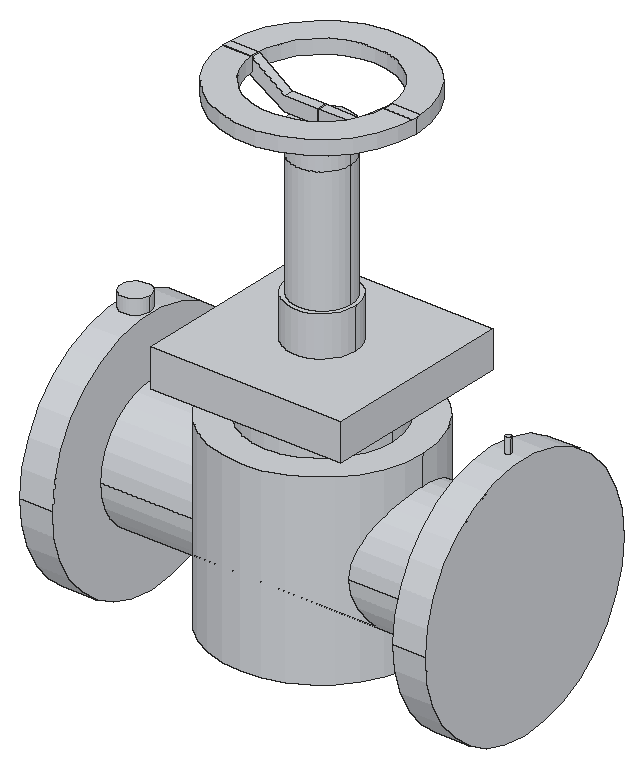
Revit family "Sigma_Compact_DN300-LF_PN16_RFA_2018", category Pipe Accessories, Revit 2018
Family settings
  Round Connector Dimension = Use Diameter
  Part Type = Valve - Breaks Into
  Work Plane-Based = No
  Always vertical = Yes
  Cut with Voids When Loaded = No
  Shared = No
Parameters (values of type "Sigma Compact DN 300 LF PN16")
  magiProductId = "f16ecb3a8ad443e99405ecd1e4779a"
  magiProductFamilyId = "111bdfd32e424cd9a1e5f1ca7ea2b6"
  magiPartTypeId = 304
  isMeasuringValve [instance] = no
  ang2D [instance] = 0.00°
  W2D = 50 mm
  VersionID = "2.0/2018.12.13.2/FRESE_SIGMA_C_BIG_Q13_001"
  Use Minimum Symbol Size [instance] = no
  URL = "www.hydronix.cz"
  Type Comments = "přírubový; PN16; max dp=800kPa; 0~+110°C; max uzavírací tlak 1MPa"
  R4 = 148.75 mm
  R3 = 135.2 mm
  R1 = 212.5 mm
  QmdConnectorList = "301;D;302;D"
  Productdata [instance] = ""
  Manufacturer = "Hydronix"
  Maintenance Zone Under Depth [instance] = 100 mm
  Maintenance Zone Right Depth [instance] = 100 mm
  Maintenance Zone Over Depth [instance] = 100 mm
  Maintenance Zone Left Depth [instance] = 100 mm
  Maintenance Zone Front Depth [instance] = 100 mm
  Maintenance Zone Back Depth [instance] = 100 mm
  Maintenance Zone Front Visibility [instance] = no
  MC Use Limits From Balancing Method = no
  MC Throttling Minimum Value = 0
  MC Throttling Maximum Value = 0
  MC Product Code = "53-2408 DN300; PN16; (190000-475000 l/h); kvs=803"
  MC Pressure Drop Minimum Value = 0.0 Pa
  MC Pressure Drop Maximum Value = 0.0 Pa
  MC Piping Given Pressure Drop [instance] = 0.0 Pa
  LF__ve = -LF  # -68 mm
  LF2 = 34 mm
  LF = 68 mm
  L432 = 69.912 mm
  L43 = 139.825 mm
  L42 = 199.75 mm
  L4 = 399.5 mm
  L3 = 714 mm
  L2D_Min = 30.48 mm
  L2D = 230 mm
  L2 = 425 mm
  HH12 = 29 mm
  HH1 = 58 mm
  HDF__ve = -HDF  # -424 mm
  HDF = 424 mm
  H6 = 85 mm
  H4 = 78 mm
  H3 = 65 mm
  H2 = 195 mm
  H11 = 390 mm
  H1 = 1082 mm
  H = 944 mm
  Description = "Automatický vyvažovací ventil"
  DF2 = 260 mm
  D = 300 mm
  Clearance Zone Height Depth [instance] = 100 mm
  Clearance Zone Circular Radius [instance] = 425 mm
  Clearance Zone Visibility [instance] = no
  CAT0 = yes
Types (9, lengths in mm): name | magiProductId | Type Comments | R4 | R3 | R1 | MC Product Code | LF__ve | LF2 | LF | L432 | L43 | L42 | L4 | L3 | L2 | HH12 | HH1 | HDF__ve | HDF | H4 | H3 | H2 | H11 | H1 | H | DF2 | D | Clearance Zone Circular Radius
  Sigma Compact DN 050 LF PN16 | "7ce002c265594233b83d195dc264f1" | "přírubový; PN16; max dp=800kPa; 0~+120°C; max uzavírací tlak 1MPa" | 40.25 | 42.9 | 57.5 | "53-2400 DN50; PN16; (2480-15000 l/h); kvs=34" | -18.4 | 9.2 | 18.4 | 18.917 | 37.835 | 54.05 | 108.1 | 193.2 | 115 | 16.5 | 33 | -202 | 202 | 24.75 | 20.625 | 61.875 | 123.75 | 480 | 367 | 82.5 | 50 | 115
  Sigma Compact DN 065 LF PN16 | "7b440009bc83499eb1c9a6fd3b4fee" | "přírubový; PN16; max dp=800kPa; 0~+120°C; max uzavírací tlak 1MPa" | 50.75 | 48.1 | 72.5 | "53-2401 DN65; PN16; (4380-25000 l/h); kvs=50" | -23.2 | 11.6 | 23.2 | 23.853 | 47.705 | 68.15 | 136.3 | 243.6 | 145 | 16.5 | 33 | -199 | 199 | 27.75 | 23.125 | 69.375 | 138.75 | 497 | 384 | 92.5 | 65 | 145
  Sigma Compact DN 080 LF PN16 | "c04670cd33374e61a046fccc79a79b" | "přírubový; PN16; max dp=800kPa; 0~+120°C; max uzavírací tlak 1MPa" | 54.25 | 52 | 77.5 | "53-2402 DN80; PN16; (5340-34000 l/h); kvs=68" | -24.8 | 12.4 | 24.8 | 25.497 | 50.995 | 72.85 | 145.7 | 260.4 | 155 | 16.5 | 33 | -213 | 213 | 30 | 25 | 75 | 150 | 526 | 413 | 100 | 80 | 155
  Sigma Compact DN 100 LF PN16 | "e9669c3b3cb042d39f52f9a3f8394b" | "přírubový; PN16; max dp=800kPa; 0~+120°C; max uzavírací tlak 1MPa" | 61.25 | 61.1 | 87.5 | "53-2403 DN100; PN16; (12100-68000 l/h); kvs=115" | -28 | 14 | 28 | 28.788 | 57.575 | 82.25 | 164.5 | 294 | 175 | 34 | 68 | -331 | 331 | 35.25 | 29.375 | 88.125 | 176.25 | 714 | 566 | 117.5 | 100 | 175
  Sigma Compact DN 125 LF PN16 | "72414964175c4f3999d5daaa67221e" | "přírubový; PN16; max dp=800kPa; 0~+120°C; max uzavírací tlak 1MPa" | 70 | 70.2 | 100 | "53-2404 DN125; PN16; (18500-110000 l/h); kvs=186" | -32 | 16 | 32 | 32.9 | 65.8 | 94 | 188 | 336 | 200 | 36.5 | 73 | -338 | 338 | 40.5 | 33.75 | 101.25 | 202.5 | 761 | 608 | 135 | 125 | 200
  Sigma Compact DN 150 LF PN16 | "cb5ac98de80a46389b4a96eb8539c2" | "přírubový; PN16; max dp=800kPa; 0~+110°C; max uzavírací tlak 1MPa" | 84 | 74.1 | 120 | "53-2405 DN150; PN16; (25600-148000 l/h); kvs=250" | -38.4 | 19.2 | 38.4 | 39.48 | 78.96 | 112.8 | 225.6 | 403.2 | 240 | 13 | 26 | -391 | 391 | 42.75 | 35.625 | 106.875 | 213.75 | 782 | 676 | 142.5 | 150 | 240
  Sigma Compact DN 200 LF PN16 | "bd9983fcf82240be8b5626661ef83b" | "přírubový; PN16; max dp=800kPa; 0~+110°C; max uzavírací tlak 1MPa" | 105 | 98.8 | 150 | "53-2406 DN200; PN16; (95000-210000 l/h); kvs=371" | -48 | 24 | 48 | 49.35 | 98.7 | 141 | 282 | 504 | 300 | 29.5 | 59 | -334 | 334 | 57 | 47.5 | 142.5 | 285 | 853 | 714 | 190 | 200 | 300
  Sigma Compact DN 250 LF PN16 | "6516628c9ce0481f89e5702e575104" | "přírubový; PN16; max dp=800kPa; 0~+110°C; max uzavírací tlak 1MPa" | 127.75 | 115.44 | 182.5 | "53-2407 DN250; PN16; (190000-475000 l/h); kvs=803" | -58.4 | 29.2 | 58.4 | 60.042 | 120.085 | 171.55 | 343.1 | 613.2 | 365 | 29 | 58 | -462 | 462 | 66.6 | 55.5 | 166.5 | 333 | 1044 | 906 | 222 | 250 | 365
  Sigma Compact DN 300 LF PN16 | "f16ecb3a8ad443e99405ecd1e4779a" | "přírubový; PN16; max dp=800kPa; 0~+110°C; max uzavírací tlak 1MPa" | 148.75 | 135.2 | 212.5 | "53-2408 DN300; PN16; (190000-475000 l/h); kvs=803" | -68 | 34 | 68 | 69.912 | 139.825 | 199.75 | 399.5 | 714 | 425 | 29 | 58 | -424 | 424 | 78 | 65 | 195 | 390 | 1082 | 944 | 260 | 300 | 425
Reference planes
  plane 1 "Center (Front/Back)": y = 0
  plane 2 "XYPLANE": z = 0
  plane 3 "Center (Left/Right)": x = 0
  plane 4 "298": y = -360
  plane 5 "297": y = 360
  plane 6 "296": y = -260
  plane 7 "295": y = 260
  plane 8 "294": z = -360
  plane 9 "293": z = 922
  plane 10 "292": x = -525
  plane 11 "291": x = 525
  plane 12 "290": z = 922
  plane 13 "256": y = -20
  plane 14 "254": z = 703
  plane 15 "253": z = 713
  plane 16 "252": x = -40
  plane 17 "251": x = -30
  plane 18 "250": x = 40
  plane 19 "249": x = 30
  plane 20 "247": z = 423
  plane 21 "244": z = 684
  plane 22 "243": x = 199.75
  plane 23 "242": x = 139.825
  plane 24 "241": x = 69.912
  plane 25 "240": y = -10
  plane 26 "238": x = -69.912
  plane 27 "237": x = -139.825
  plane 28 "236": z = 742
  plane 29 "235": z = 772
  plane 30 "234": x = -199.75
  plane 31 "225": z = 822
  plane 32 "224": z = -260
  plane 33 "157": x = 391
  plane 34 "156": x = -391
  plane 35 "155": z = 260
  plane 36 "154": z = 338
  plane 37 "153": z = 260
  plane 38 "152": z = 195
  plane 39 "151": x = -357
  plane 40 "150": z = -195
  plane 41 "149": x = 0
  plane 42 "148": y = 0
  plane 43 "147": z = 0
  plane 44 "146": x = -425
  plane 45 "145": x = 425
Forms (mm)
  Blend 1, solid, visible <- "Maintenance Zone Front Visibility"
    base sketch origin (-750, 0, 922) x (1, 0, 0) y (0, 1, 0)
      loop
        line (225, 360) -> (225, -360) -> (1275, -360) -> (1275, 360) -> (225, 360)
    top sketch origin (-750, 0, 922) x (1, 0, 0) y (0, 1, 0)
      loop
        line (225, 360) -> (225, -360) -> (1275, -360) -> (1275, 360) -> (225, 360)
    from 0 to -1282
  Blend 2, solid, visible <- "Clearance Zone Visibility"
    base sketch origin (-750, 0, 0) x (1, 0, 0) y (0, 1, 0)
      loop
        circle (750, 0) r 425
    top sketch origin (-750, 0, 0) x (1, 0, 0) y (0, 1, 0)
      loop
        circle (750, 0) r 425
    from 0 to 922
  Extrusion 3, solid
    sketch origin (-750, 0, 684) x (1, 0, 0) y (0, 1, 0)
      loop
        circle (750, 0) r 60.995
    from 0 to -424 <- "HDF__ve"
  Extrusion 4, solid
    sketch origin (-750, 0, 423) x (1, 0, 0) y (0, 1, 0)
      loop
        line (780, 20) -> (720, 20) -> (720, -20) -> (780, -20) -> (780, 20)
    from 0 to 25
  Extrusion 5, solid
    sketch origin (750, -20, 0) x (-1, 0, 0) y (0, 0, 1)
      loop
        line (790, 423) -> (790, 713) -> (710, 713) -> (710, 423) -> (720, 423) -> (720, 703) -> (780, 703) -> (780, 423) -> (790, 423)
    from 0 to 40
  Extrusion 6, solid
    sketch origin (-750, 0, 423) x (1, 0, 0) y (0, 1, 0)
      loop
        circle (750, 0) r 25
    from 0 to 30
  Extrusion 7, solid
    sketch origin (750, -10, 0) x (-1, 0, 0) y (0, 0, 1)
      loop
        line (889.825, 822) -> (819.912, 772) -> (750, 772) -> (750, 742) -> (819.912, 742) -> (949.75, 822) -> (889.825, 822)
    from 0 to 20
  Extrusion 8, solid
    sketch origin (750, -10, 0) x (-1, 0, 0) y (0, 0, 1)
      loop
        line (610.175, 822) -> (550.25, 822) -> (680.088, 742) -> (750, 742) -> (750, 772) -> (680.088, 772) -> (610.175, 822)
    from 0 to 20
  Extrusion 9, solid
    sketch origin (-750, 0, 684) x (1, 0, 0) y (0, 1, 0)
      loop
        circle (750, 0) r 60.995
    from 0 to 58 <- "HH1"
  Extrusion 10, solid
    sketch origin (-750, 0, 822) x (1, 0, 0) y (0, 1, 0)
      loop
        circle (750, 0) r 199.75
      loop
        circle (750, 0) r 139.825
    from 0 to -30
  Extrusion 11, solid, visible <- "CAT0"
    sketch origin (-750, 0, 260) x (1, 0, 0) y (0, 1, 0)
      loop
        circle (1141, 0) r 5.5
    from 0 to 30
  Extrusion 12, solid, visible <- "CAT0"
    sketch origin (-750, 0, 260) x (1, 0, 0) y (0, 1, 0)
      loop
        circle (359, 0) r 30.3
    from 0 to 30
  Extrusion 13, solid, visible <- "CAT0"
    sketch origin (-750, 0, 338) x (1, 0, 0) y (0, 1, 0)
      loop
        circle (750, 0) r 70.995
    from 0 to 85 <- "H6"
  Extrusion 14, solid, visible <- "CAT0"
    sketch origin (-750, 0, 260) x (1, 0, 0) y (0, 1, 0)
      loop
        line (949.75, 199.75) -> (550.25, 199.75) -> (550.25, -199.75) -> (949.75, -199.75) -> (949.75, 199.75)
    from 0 to 78 <- "H4"
  Extrusion 15, solid, visible <- "CAT0"
    sketch origin (-750, 0, 195) x (1, 0, 0) y (0, 1, 0)
      loop
        circle (750, 0) r 148.75
    from 0 to 65 <- "H3"
  Extrusion 16, solid, visible <- "CAT0"
    sketch origin (-357, -750, 0) x (0, 1, 0) y (0, 0, 1)
      loop
        circle (750, 0) r 135.2
    from 0 to 714 <- "L3"
  Extrusion 17, solid, visible <- "CAT0"
    sketch origin (-750, 0, -195) x (1, 0, 0) y (0, 1, 0)
      loop
        circle (750, 0) r 212.5
    from 0 to 390 <- "H11"
  Extrusion 18, solid, visible <- "CAT0"
    sketch origin (-425, -750, 0) x (0, 1, 0) y (0, 0, 1)
      loop
        circle (750, 0) r 260
    from 0 to 68 <- "LF"
  Extrusion 19, solid, visible <- "CAT0"
    sketch origin (425, -750, 0) x (0, 1, 0) y (0, 0, 1)
      loop
        circle (750, 0) r 260
    from 0 to -68 <- "LF__ve"
  Extrusion 20, solid, not visible
    sketch origin (-425, -750, 0) x (0, 1, 0) y (0, 0, 1)
      loop
        circle (750, 0) r 10
    from 0 to 10
  Extrusion 21, solid, not visible
    sketch origin (425, -750, 0) x (0, 1, 0) y (0, 0, 1)
      loop
        circle (750, 0) r 10
    from 0 to -10
Lines and regions (mm)
  reference lines, not visible
    curve 1: circle (2, 2, 0) r 1 normal (0, 0, 1)
  reference lines
    curve 2: circle (0, 0, 260) r 1 normal (0, 0, 1)
Dimensions and locks
  plane 1 "Center (Front/Back)" to curve 1 = 2 mm
  "Maintenance Zone Front Depth": plane 6 "296" to plane 4 "298"
  "Maintenance Zone Back Depth": plane 7 "295" to plane 5 "297"
  "DF2": plane 42 "148" to plane 6 "296"
  "DF2": plane 42 "148" to plane 7 "295"
  "Maintenance Zone Under Depth": plane 32 "224" to plane 8 "294"
  "Maintenance Zone Over Depth": plane 31 "225" to plane 9 "293"
  "Maintenance Zone Left Depth": plane 44 "146" to plane 10 "292"
  "Maintenance Zone Right Depth": plane 45 "145" to plane 11 "291"
  "Clearance Zone Height Depth": plane 31 "225" to plane 12 "290"
  locked: plane 25 "240" to plane 13 "256" at 10
  locked: plane 15 "253" to plane 14 "254" at 10
  "HH12": plane 21 "244" to plane 15 "253"
  locked: plane 17 "251" to plane 16 "252" at 10
  locked: plane 41 "149" to plane 17 "251" at 30
  locked: plane 19 "249" to plane 18 "250" at 10
  locked: plane 41 "149" to plane 19 "249" at 30
  "H6": plane 36 "154" to plane 20 "247"
  "H": plane 32 "224" to plane 21 "244"
  "L42": plane 41 "149" to plane 22 "243"
  "L43": plane 41 "149" to plane 23 "242"
  "L432": plane 41 "149" to plane 24 "241"
  locked: plane 42 "148" to plane 25 "240" at 10
  "L432": plane 41 "149" to plane 26 "238"
  "L43": plane 41 "149" to plane 27 "237"
  locked: plane 29 "235" to plane 28 "236" at 30
  locked: plane 31 "225" to plane 29 "235" at 50
  "L42": plane 41 "149" to plane 30 "234"
  "H1": plane 32 "224" to plane 31 "225"
  "DF2": plane 2 "XYPLANE" to plane 32 "224"
  "LF2": plane 45 "145" to plane 33 "157"
  "LF2": plane 44 "146" to plane 34 "156"
  "DF2": plane 2 "XYPLANE" to plane 35 "155"
  "H4": plane 37 "153" to plane 36 "154"
  "H3": plane 38 "152" to plane 37 "153"
  "H11": plane 40 "150" to plane 38 "152"
  "LF": plane 44 "146" to plane 39 "151"
  "H2": plane 2 "XYPLANE" to plane 40 "150"
  locked: plane 3 "Center (Left/Right)" to plane 41 "149"
  locked: plane 1 "Center (Front/Back)" to plane 42 "148"
  locked: plane 2 "XYPLANE" to plane 43 "147"
  "L2": plane 3 "Center (Left/Right)" to plane 44 "146"
  "L2": plane 3 "Center (Left/Right)" to plane 45 "145"
  Blend 1 sketch curve to Blend 1 sketch curve = 0 mm  (x16)
  Extrusion 4 sketch curve to Extrusion 4 sketch curve = 0 mm  (x8)
  Extrusion 5 sketch curve to Extrusion 5 sketch curve = 0 mm  (x16)
  Extrusion 7 sketch curve to Extrusion 7 sketch curve = 0 mm  (x12)
  Extrusion 8 sketch curve to Extrusion 8 sketch curve = 0 mm  (x12)
  equal spacing: Extrusion 14 sketch curve, curve 2, Extrusion 14 sketch curve  (x2)
  "L4": Extrusion 14 sketch curve to Extrusion 14 sketch curve  (x2)
  Extrusion 14 sketch curve to Extrusion 14 sketch curve = 0 mm  (x8)
  "Clearance Zone Circular Radius": radius of Blend 2 sketch curve  (x2)
  "L42": radius of Extrusion 10 sketch curve
  "L43": radius of Extrusion 10 sketch curve
  "R4": radius of Extrusion 15 sketch curve
  "R3": radius of Extrusion 16 sketch curve
  "R1": radius of Extrusion 17 sketch curve
  "DF2": radius of Extrusion 18 sketch curve
  "DF2": radius of Extrusion 19 sketch curve
  aligned and locked: level to plane 2 "XYPLANE"
  aligned and locked: Blend 1 sketch curve to plane 5 "297"  (x2)
  aligned and locked: plane 10 "292" to Blend 1 sketch curve  (x4)
  aligned and locked: plane 11 "291" to Blend 1 sketch curve  (x4)
  aligned and locked: plane 5 "297" to Blend 1 sketch curve  (x2)
  aligned and locked: plane 4 "298" to Blend 1 sketch curve  (x4)
  aligned and locked: Blend 1 to plane 8 "294"
  aligned and locked: plane 41 "149" to Blend 2 sketch curve  (x2)
  aligned and locked: plane 42 "148" to Blend 2 sketch curve  (x2)
  aligned and locked: plane 12 "290" to Blend 2
  aligned and locked: plane 41 "149" to Extrusion 3 sketch curve
  aligned and locked: plane 42 "148" to Extrusion 3 sketch curve
  aligned and locked: Extrusion 5 sketch curve to plane 16 "252"
  aligned and locked: plane 20 "247" to Extrusion 5 sketch curve  (x4)
  aligned and locked: plane 15 "253" to Extrusion 5 sketch curve  (x2)
  aligned and locked: plane 16 "252" to Extrusion 5 sketch curve
  aligned and locked: plane 18 "250" to Extrusion 5 sketch curve  (x2)
  aligned and locked: plane 19 "249" to Extrusion 5 sketch curve  (x2)
  aligned and locked: plane 14 "254" to Extrusion 5 sketch curve  (x2)
  aligned and locked: plane 17 "251" to Extrusion 5 sketch curve  (x2)
  aligned and locked: plane 41 "149" to Extrusion 6 sketch curve
  aligned and locked: plane 42 "148" to Extrusion 6 sketch curve
  aligned and locked: plane 27 "237" to Extrusion 7 sketch curve
  aligned and locked: plane 31 "225" to Extrusion 7 sketch curve  (x2)
  aligned and locked: plane 26 "238" to Extrusion 7 sketch curve  (x2)
  aligned and locked: plane 29 "235" to Extrusion 7 sketch curve  (x2)
  aligned and locked: plane 41 "149" to Extrusion 7 sketch curve  (x2)
  aligned and locked: plane 28 "236" to Extrusion 7 sketch curve  (x2)
  aligned and locked: plane 30 "234" to Extrusion 7 sketch curve
  aligned and locked: plane 23 "242" to Extrusion 8 sketch curve
  aligned and locked: plane 31 "225" to Extrusion 8 sketch curve  (x2)
  aligned and locked: plane 24 "241" to Extrusion 8 sketch curve  (x2)
  aligned and locked: plane 29 "235" to Extrusion 8 sketch curve  (x2)
  aligned and locked: plane 41 "149" to Extrusion 8 sketch curve  (x2)
  aligned and locked: plane 28 "236" to Extrusion 8 sketch curve  (x2)
  aligned and locked: plane 22 "243" to Extrusion 8 sketch curve
  aligned and locked: plane 41 "149" to Extrusion 9 sketch curve
  aligned and locked: plane 42 "148" to Extrusion 9 sketch curve
  aligned and locked: plane 41 "149" to Extrusion 10 sketch curve  (x2)
  aligned and locked: plane 42 "148" to Extrusion 10 sketch curve  (x2)
  aligned and locked: plane 33 "157" to Extrusion 11 sketch curve
  aligned and locked: plane 42 "148" to Extrusion 11 sketch curve
  aligned and locked: plane 34 "156" to Extrusion 12 sketch curve
  aligned and locked: plane 42 "148" to Extrusion 12 sketch curve
  aligned and locked: plane 41 "149" to Extrusion 13 sketch curve
  aligned and locked: plane 42 "148" to Extrusion 13 sketch curve
  aligned and locked: plane 41 "149" to curve 2
  aligned and locked: plane 42 "148" to curve 2
  aligned and locked: plane 41 "149" to Extrusion 15 sketch curve
  aligned and locked: plane 42 "148" to Extrusion 15 sketch curve
  aligned and locked: Extrusion 16 sketch curve to plane 42 "148"
  aligned and locked: plane 43 "147" to Extrusion 16 sketch curve
  aligned and locked: plane 41 "149" to Extrusion 17 sketch curve
  aligned and locked: plane 42 "148" to Extrusion 17 sketch curve
  aligned and locked: Extrusion 18 sketch curve to plane 42 "148"
  aligned and locked: plane 43 "147" to Extrusion 18 sketch curve
  aligned and locked: Extrusion 19 sketch curve to plane 42 "148"
  aligned and locked: plane 43 "147" to Extrusion 19 sketch curve
  aligned and locked: Extrusion 20 sketch curve to plane 42 "148"
  aligned and locked: plane 43 "147" to Extrusion 20 sketch curve
  aligned and locked: Extrusion 21 sketch curve to plane 42 "148"
  aligned and locked: plane 43 "147" to Extrusion 21 sketch curve
Automatic sketch dimensions
  plane 26 "238" to Extrusion 3 sketch curve = 8.917 mm
  Extrusion 4 sketch curve to plane 17 "251" = 0 mm
  Extrusion 4 sketch curve to plane 13 "256" = 0 mm
  Extrusion 4 sketch curve to plane 19 "249" = 0 mm
  Extrusion 4 sketch curve to plane 1 "Center (Front/Back)" = 20 mm
  plane 17 "251" to Extrusion 6 sketch curve = 5 mm
  plane 26 "238" to Extrusion 9 sketch curve = 8.917 mm
  Extrusion 11 sketch curve to plane 33 "157" = 5.5 mm
  plane 44 "146" to Extrusion 12 sketch curve = 3.7 mm
  Extrusion 13 sketch curve to plane 26 "238" = 1.083 mm
  Extrusion 20 sketch curve to plane 25 "240" = 0 mm
  Extrusion 21 sketch curve to plane 25 "240" = 0 mm
  plane 3 "Center (Left/Right)" to curve 1 = 2 mm
  Extrusion 14 sketch curve to plane 30 "234" = 0 mm
  plane 6 "296" to Extrusion 14 sketch curve = 60.25 mm
  radius of curve 2 = 1 mm
  radius of curve 1 = 1 mm
Connectors
  piping at (-425, 0, 0), diameter 300, driven by "D"
    settings: on Extrusion 20, index 1, connector inside diameter 609.6 mm, connector length 0 mm, flow factor 0, pipe flow 0.0 L/s, pressure drop 0.0 Pa, fitting loss kfactor 0, connector angle 0.00°, fixture units 0, engagement length 0 mm, angle of deflection 0.00°, flow configuration 0, flow direction 0, fitting loss method 0, system type 29, joint type 0, gender type 0, connector reference index 2, connector utility 0, adjustable connector no, is connector primary yes, connector description ""
  piping at (425, 0, 0), diameter 300, driven by "D"
    settings: on Extrusion 21, index 2, connector inside diameter 609.6 mm, connector length 0 mm, flow factor 0, pipe flow 0.0 L/s, pressure drop 0.0 Pa, fitting loss kfactor 0, connector angle 0.00°, fixture units 0, engagement length 0 mm, angle of deflection 0.00°, flow configuration 0, flow direction 0, fitting loss method 0, system type 29, joint type 0, gender type 0, connector reference index 1, connector utility 0, adjustable connector no, is connector primary no, connector description ""
